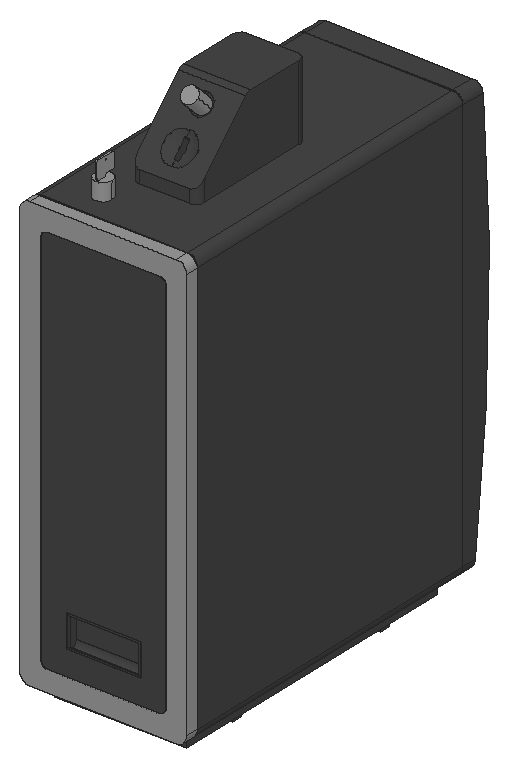
Revit family "Franke_Coin_changer-A200(EU)", category Specialty Equipment, Revit 2015
Parameters (values of type "Coin changer-A200(85-264V/anthracite/EU)")
  URL = "https://www.franke.com/main/en/cs/products/product-search.html"
  Depth (mm) = 452 mm
  Volts min. = 85 V
  Volts max. = 264 V
  Max Overcurrent Protection = "10 A"
  Cycle Alternative = 60 Hz
  Cycle = 50 Hz
  Model = "410900 - Coin changer-A200"
  Watts = 76.8 W
  Cost = 0
  Height (mm) = 634 mm
  Manufacturer = "Franke"
  Energy loss acc. to DIN 18873 = "-"
  Width (mm) = 200 mm
  Description = "payment systems key module - Coin changer"
  Assembly Code = "key module Coin changer (A200)"
  Keynote = "key module Coin changer (A200)"
  Weight = "18 kg"
  Number of Poles = 1
  Number of Protective Conductors = "1"
  Number of Nutral Conductors = "1"
  Frontcover = Franke Anthracite
Types (3, lengths in mm): name | Frontcover
  (no name) | Franke Anthracite
  Coin changer-A200(85-264V/black line/EU) | Franke Black
  Coin changer-A200(85-264V/anthracite/EU) | Franke Anthracite
Reference planes
  plane 1 "Mitte (Vorne/Hinten)": y = 0
  plane 2: z = 0
  plane 3 "Mitte (Links/Rechts)": x = 0
Forms (mm)
  Extrusion 1, solid, material "Franke Black"
    sketch origin (0, 0, -41) x (0, 1, 0) y (0, 0, 1)
      loop
        line (186.97, 65) -> (-188.03, 65) -> (-188.03, 45) -> (186.97, 45) -> (186.97, 65)
    from -79 to 79
  Extrusion 2, solid, material "Franke Black"
    sketch origin (-1000, 0, -41) x (0, 1, 0) y (0, 0, 1)
      loop
        line (199.53, 585) -> (199.53, 65) -> (216.03, 65)
        arc (216.03, 65) -> (224.982, 150.997) -> (233.478, 237.039) r 16328.175
        arc (233.478, 237.039) -> (233.864, 241.879) -> (234.093, 246.728) r 150
        arc (234.093, 246.728) -> (236.227, 326.074) -> (237.701, 405.435) r 9548.581
        arc (237.701, 405.435) -> (237.699, 406.999) -> (237.648, 408.563) r 50
        arc (237.648, 408.563) -> (233.118, 496.797) -> (228.03, 585) r 14002.549
        line (228.03, 585) -> (199.53, 585)
    from 900 to 1100
  Extrusion 3, void
    sketch origin (-1000, 0, -41) x (1, 0, 0) y (0, 0, 1)
      loop
        arc (1088, 585) -> (1096.485, 581.485) -> (1100, 573) r 12
        line (1100, 573) -> (1110, 573) -> (1110, 595) -> (1088, 595) -> (1088, 585)
      loop
        line (1088, 65) -> (1088, 55) -> (1110, 55) -> (1110, 77) -> (1100, 77)
        arc (1100, 77) -> (1096.485, 68.515) -> (1088, 65) r 12
      loop
        line (912, 585) -> (912, 595) -> (890, 595) -> (890, 573) -> (900, 573)
        arc (900, 573) -> (903.515, 581.485) -> (912, 585) r 12
      loop
        arc (912, 65) -> (903.515, 68.515) -> (900, 77) r 12
        line (900, 77) -> (890, 77) -> (890, 55) -> (912, 55) -> (912, 65)
    from -305.226 to 299.817
  Extrusion 4, solid, material "Franke Black"
    sketch origin (0, 397.56, -41) x (1, 0, 0) y (0, 0, 1)
      loop
        line (-85, 65) -> (85, 65) -> (85, 575) -> (-85, 575) -> (-85, 65)
    from 198.03 to 199.53
  Extrusion 5, solid
    sketch origin (0, 0, -41) x (1, 0, 0) y (0, 0, 1)
      loop
        line (-85, 65) -> (85, 65) -> (85, 575) -> (-85, 575) -> (-85, 65)
    from 198.03 to 199.53
  Extrusion 6, solid, material "Franke Black"
    sketch origin (0, 0, -41) x (1, 0, 0) y (0, 0, 1)
      loop
        line (88, 585) -> (-88, 585)
        arc (-88, 585) -> (-96.485, 581.485) -> (-100, 573) r 12
        line (-100, 573) -> (-100, 77)
        arc (-100, 77) -> (-96.485, 68.515) -> (-88, 65) r 12
        line (-88, 65) -> (88, 65)
        arc (88, 65) -> (96.485, 68.515) -> (100, 77) r 12
        line (100, 77) -> (100, 573)
        arc (100, 573) -> (96.485, 581.485) -> (88, 585) r 12
    from -198.03 to 198.03
  Extrusion 7, solid, material "Franke Chrome"
    sketch origin (0, 0, -41) x (1, 0, 0) y (0, 1, 0)
      loop
        circle (-42, -162.53) r 11
    from 585 to 605
  Extrusion 8, solid, material "Franke Anthracite" <- "Frontcover"
    sketch origin (0, 0, -41) x (1, 0, 0) y (0, 0, 1)
      loop
        line (88, 585) -> (-88, 585)
        arc (-88, 585) -> (-96.485, 581.485) -> (-100, 573) r 12
        line (-100, 573) -> (-100, 77)
        arc (-100, 77) -> (-96.485, 68.515) -> (-88, 65) r 12
        line (-88, 65) -> (88, 65)
        arc (88, 65) -> (96.485, 68.515) -> (100, 77) r 12
        line (100, 77) -> (100, 573)
        arc (100, 573) -> (96.485, 581.485) -> (88, 585) r 12
      loop
        arc (67, 90) -> (72.657, 92.343) -> (75, 98) r 8
        line (75, 98) -> (75, 552)
        arc (75, 552) -> (72.657, 557.657) -> (67, 560) r 8
        line (67, 560) -> (-67, 560)
        arc (-67, 560) -> (-72.657, 557.657) -> (-75, 552) r 8
        line (-75, 552) -> (-75, 98)
        arc (-75, 98) -> (-72.657, 92.343) -> (-67, 90) r 8
        line (-67, 90) -> (67, 90)
    from 199.53 to 214.53
  Extrusion 9, solid, material "Franke Black"
    sketch origin (0, 0, -41) x (1, 0, 0) y (0, 0, 1)
      loop
        arc (-67, 560) -> (-72.657, 557.657) -> (-75, 552) r 8
        line (-75, 552) -> (-75, 98)
        arc (-75, 98) -> (-72.657, 92.343) -> (-67, 90) r 8
        line (-67, 90) -> (67, 90)
        arc (67, 90) -> (72.657, 92.343) -> (75, 98) r 8
        line (75, 98) -> (75, 552)
        arc (75, 552) -> (72.657, 557.657) -> (67, 560) r 8
        line (67, 560) -> (-67, 560)
    from 199.53 to 214.53
  Extrusion 10, solid, material "Franke Black"
    sketch origin (0, 0, -41) x (1, 0, 0) y (0, 0, 1)
      loop
        line (-85, 65) -> (85, 65) -> (85, 575) -> (-85, 575) -> (-85, 65)
    from 198.03 to 199.53
  Extrusion 11, solid, material "Franke Chrome"
    sketch origin (0, 0, -1.5) x (0, 1, 0) y (0, 0, 1)
      loop
        arc (-172.53, 569.367) -> (-172.178, 568.234) -> (-171.247, 567.5) r 2
        line (-171.247, 567.5) -> (-171.247, 565.5) -> (-160.53, 565.5) -> (-160.53, 567.835)
        arc (-160.53, 567.835) -> (-160.249, 568.513) -> (-159.571, 568.794) r 0.959
        line (-159.571, 568.794) -> (-149.53, 568.794)
        arc (-149.53, 568.794) -> (-148.116, 569.38) -> (-147.53, 570.794) r 2
        line (-147.53, 570.794) -> (-147.53, 585.5)
        arc (-147.53, 585.5) -> (-148.116, 586.914) -> (-149.53, 587.5) r 2
        line (-149.53, 587.5) -> (-170.53, 587.5)
        arc (-170.53, 587.5) -> (-171.944, 586.914) -> (-172.53, 585.5) r 2
        line (-172.53, 585.5) -> (-172.53, 569.367)
      loop
        circle (-160.03, 583.965) r 2
    from -43 to -41
  Extrusion 12, solid, material "Franke Black"
    sketch origin (0, 0, -21) x (1, 0, 0) y (0, 0, 1)
      loop
        line (-44.5, 139) -> (-44.5, 100) -> (44.5, 100) -> (44.5, 139) -> (-44.5, 139)
      loop
        line (-42.5, 137) -> (-42.5, 102) -> (42.5, 102) -> (42.5, 137) -> (-42.5, 137)
    from 212.53 to 214.53
  Extrusion 13, void
    sketch origin (0, 0, -21) x (0, 1, 0) y (0, 0, 1)
      loop
        line (-231.966, 139) -> (-231.966, 100) -> (-212.53, 100) -> (-212.53, 95) -> (-210.53, 95)
        arc (-210.53, 95) -> (-203.459, 97.929) -> (-200.53, 105) r 10
        line (-200.53, 105) -> (-200.53, 144) -> (-212.53, 144) -> (-212.53, 139) -> (-231.966, 139)
    from -44.5 to 44.5
  Extrusion 14, solid, material "Franke Chrome"
    sketch origin (0, 0, 0) x (1, 0, 0) y (0, 1, 0)
      loop
        circle (0, 156.641) r 2.5
    from 0 to 4
  Extrusion 15, void
    sketch origin (-35.869, -27.22, -41) x (1, 0, 0) y (0, 1, 0)
      loop
        circle (93.369, -111.61) r 16
      loop
        circle (93.369, 165.89) r 16
      loop
        circle (-21.631, -111.61) r 16
      loop
        circle (-21.631, 165.89) r 16
    from 41 to 50
  Extrusion 16, solid, material "Franke Black"
    sketch origin (0, 0, 0) x (1, 0, 0) y (0, 1, 0)
      loop
        arc (-30, 38.97) -> (-37.071, 36.041) -> (-40, 28.97) r 10
        line (-40, 28.97) -> (-40, -113.03)
        arc (-40, -113.03) -> (-37.071, -120.101) -> (-30, -123.03) r 10
        line (-30, -123.03) -> (30, -123.03)
        arc (30, -123.03) -> (37.071, -120.101) -> (40, -113.03) r 10
        line (40, -113.03) -> (40, 28.97)
        arc (40, 28.97) -> (37.071, 36.041) -> (30, 38.97) r 10
        line (30, 38.97) -> (-30, 38.97)
    from 544 to 641.515
  Extrusion 17, void
    sketch origin (0, 0, 0) x (0, 1, 0) y (0, 0, 1)
      loop
        line (-43.888, 634) -> (50, 634) -> (50, 644) -> (-137.557, 644) -> (-137.557, 555.542) -> (-126.489, 555.542) -> (-50.959, 631.071)
        arc (-50.959, 631.071) -> (-47.715, 633.239) -> (-43.888, 634) r 10
    from -88 to 88
  Extrusion 18, void
    sketch origin (-720, -1190.859, 799.306) x (1, 0, 0) y (0, 0.707107, 0.707107)
      loop
        line (717, 630.033) -> (717, 606.033) -> (723, 606.033) -> (723, 630.033) -> (717, 630.033)
    from -940.949 to -904.991
  Extrusion 19, solid, material "Franke Chrome"
    sketch origin (-718.958, -1189.799, 800.366) x (1, 0, 0) y (0, 0.707107, 0.707107)
      loop
        circle (718.958, 662.708) r 10
    from -940.949 to -899.991
  Extrusion 20, solid, material "Franke Black"
    sketch origin (0, 0, 0) x (1, 0, 0) y (0, 1, 0)
      loop
        line (63, 116.47) -> (63, 104.47) -> (77, 104.47) -> (77, 116.47) -> (63, 116.47)
      loop
        line (63, -104.63) -> (63, -116.63) -> (77, -116.63) -> (77, -104.63) -> (63, -104.63)
      loop
        line (-63, 116.47) -> (-77, 116.47) -> (-77, 104.47) -> (-63, 104.47) -> (-63, 116.47)
      loop
        line (-63, -104.63) -> (-77, -104.63) -> (-77, -116.63) -> (-63, -116.63) -> (-63, -104.63)
    from 0 to 4
  Revolve 21, void
    sketch origin (0, 488.685, 247.511) x (0, 0.707107, 0.707107) y (0, -0.707107, 0.707107)
      loop
        line (-179.407, 782.413) -> (-209.407, 782.413) -> (-209.407, 662.069)
        arc (-209.407, 662.069) -> (-196.194, 651.201) -> (-179.407, 647.902) r 34.965
        line (-179.407, 647.902) -> (-179.407, 782.413)
      axis (-179.407, 647.902) -> (-179.407, 782.413)
    angle from 0 to 360
  Revolve 22, void
    sketch origin (0, 519.474, 282.025) x (0, 0.707107, 0.707107) y (0, -0.707107, 0.707107)
      loop
        line (-179.407, 782.413) -> (-197.986, 782.413) -> (-197.986, 654.502)
        arc (-197.986, 654.502) -> (-189.546, 648.812) -> (-179.407, 647.902) r 20.426
        line (-179.407, 647.902) -> (-179.407, 782.413)
      axis (-179.407, 647.902) -> (-179.407, 782.413)
    angle from 0 to 360
Cuts and joins
  Extrusion 3 cuts Extrusion 8
  Extrusion 3 cuts Extrusion 2
  Extrusion 13 cuts Extrusion 9
  Extrusion 17, Extrusion 18, Revolve 21, Revolve 22 cuts Extrusion 16
  Extrusion 15 cuts Extrusion 1
Dimensions and locks
  aligned and locked: level to plane 2
Connectors
  electrical at (0, 156.641, 0), driven by "Volts max.", driven by "Number of Poles"
    settings: on Extrusion 14, index 1, voltage 264 V, apparent load 0 VA, apparent load phase1 0 VA, apparent load phase2 0 VA, apparent load phase3 0 VA, power factor 1, load classification "Strom", number of poles 1, system type 31, power factor state 1, is connector primary yes, connector utility no, sub classification motor no, connector description ""
